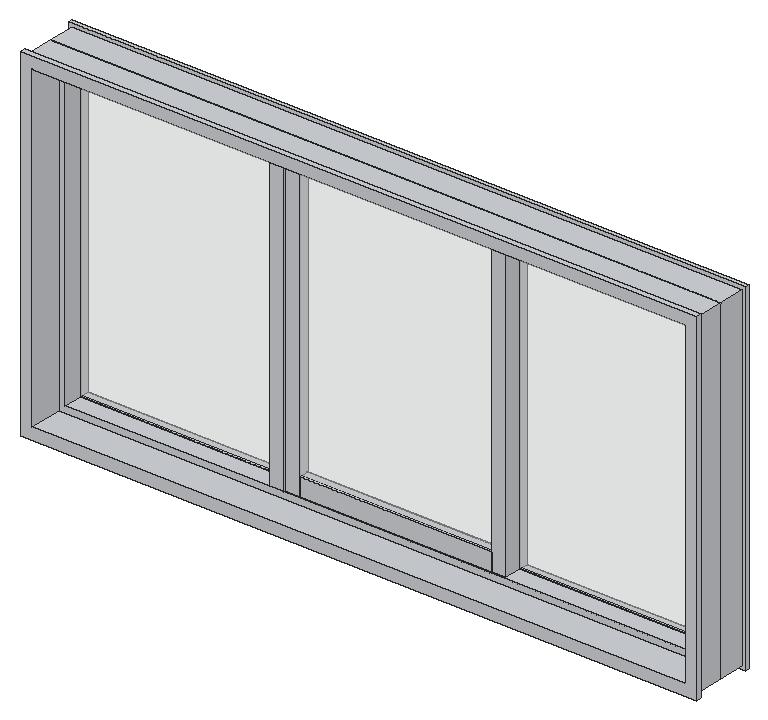
Revit family "APL Residential Thermal Heart Sliding Window FSF", category Windows, host Wall, Revit 2017 (continued)
Definition of nested family "APL Residential Thermal Heart Sliding Window FSF Horizontal Section"
  Definition of nested family "Three Panel Closer"
    Definition of nested family "65520_Lock Stile"
      Lines and regions (mm)
        model lines, in view "Ref. Level"
          curve 111: arc (43.056, -20.462, 0) -> (43.145, -20.41, 0) -> (43.197, -20.321, 0) r 0.2
          curve 112: arc (43.74, -18.1, 0) -> (43.547, -17.82, 0) -> (43.216, -17.9, 0) r 0.3
          curve 113: arc (43.216, -17.9, 0) -> (43.115, -17.974, 0) -> (42.993, -18, 0) r 0.3
          curve 114: arc (38.99, -17.806, 0) -> (38.818, -17.842, 0) -> (38.74, -18, 0) r 0.2
          curve 115: arc (38.74, -18.521, 0) -> (38.751, -18.602, 0) -> (38.784, -18.677, 0) r 0.3
          curve 116: arc (39.549, -19.931, 0) -> (39.719, -19.928, 0) -> (39.851, -20.034, 0) r 0.25
          curve 117: arc (39.903, -20.12, 0) -> (39.908, -20.372, 0) -> (39.69, -20.5, 0) r 0.25
          curve 118: arc (37.951, -20.5, 0) -> (37.706, -20.436, 0) -> (37.524, -20.26, 0) r 0.5
          curve 119: arc (36.993, -19.389, 0) -> (36.81, -19.214, 0) -> (36.566, -19.15, 0) r 0.5
          curve 120: arc (8.901, -19.15, 0) -> (8.547, -19.296, 0) -> (8.4, -19.65, 0) r 0.5
          curve 121: arc (8.4, -20.148, 0) -> (8.382, -20.284, 0) -> (8.327, -20.41, 0) r 0.5
          curve 122: arc (7.716, -21.41, 0) -> (7.534, -21.586, 0) -> (7.289, -21.65, 0) r 0.5
          curve 123: arc (5.55, -21.65, 0) -> (5.332, -21.523, 0) -> (5.337, -21.27, 0) r 0.25
          curve 124: arc (5.389, -21.184, 0) -> (5.521, -21.078, 0) -> (5.691, -21.081, 0) r 0.25
          curve 125: arc (6.456, -19.827, 0) -> (6.489, -19.752, 0) -> (6.5, -19.671, 0) r 0.3
          curve 126: arc (6.5, -19.15, 0) -> (6.422, -18.992, 0) -> (6.25, -18.956, 0) r 0.2
          curve 127: arc (2.247, -19.15, 0) -> (2.125, -19.124, 0) -> (2.024, -19.05, 0) r 0.3
          curve 128: arc (2.024, -19.05, 0) -> (1.693, -18.97, 0) -> (1.5, -19.25, 0) r 0.3
          curve 129: arc (2.043, -21.471, 0) -> (2.095, -21.56, 0) -> (2.184, -21.612, 0) r 0.2
          curve 130: arc (2.352, -21.657, 0) -> (2.493, -21.798, 0) -> (2.441, -21.991, 0) r 0.2
          curve 131: arc (2.078, -22.355, 0) -> (1.992, -22.415, 0) -> (1.892, -22.442, 0) r 0.3
          curve 132: arc (-0.474, -22.649, 0) -> (-0.738, -22.533, 0) -> (-0.782, -22.247, 0) r 0.3
          curve 133: arc (-0.268, -20.837, 0) -> (-0.181, -20.711, 0) -> (-0.043, -20.645, 0) r 0.3
          curve 134: arc (-0.043, -20.645, 0) -> (0.199, -20.372, 0) -> (0, -20.067, 0) r 0.3
          curve 135: arc (0, -3.465, 0) -> (-0.147, -3.113, 0) -> (-0.5, -2.965, 0) r 0.503
          curve 136: arc (-3.076, -2.965, 0) -> (-3.524, -2.688, 0) -> (-3.475, -2.164, 0) r 0.5
          curve 137: arc (-3.475, -2.164, 0) -> (-2.783, -1.529, 0) -> (-1.91, -1.181, 0) r 2.6
          curve 138: arc (3.754, -0.049, 0) -> (3.998, -0.012, 0) -> (4.244, 0, 0) r 2.5
          curve 139: arc (64.615, 0, 0) -> (64.99, -0.375, 0) -> (64.615, -0.75, 0) r 0.375
          curve 140: arc (64.245, -1.9, 0) -> (64.186, -2.041, 0) -> (64.045, -2.1, 0) r 0.201
          curve 141: arc (63.202, -3.365, 0) -> (63.156, -3.493, 0) -> (63.037, -3.562, 0) r 0.2
          curve 142: arc (60.853, -3.8, 0) -> (60.694, -3.722, 0) -> (60.66, -3.548, 0) r 0.2
          curve 143: arc (2.401, -17.25, 0) -> (2.047, -17.104, 0) -> (1.9, -16.75, 0) r 0.501
          curve 144: arc (1.9, -2.767, 0) -> (2.013, -2.45, 0) -> (2.302, -2.276, 0) r 0.5
          curve 145: arc (36.438, -1.91, 0) -> (36.727, -2.083, 0) -> (36.84, -2.4, 0) r 0.5
          curve 146: line (60.66, -3.548, 0) -> (61.061, -2.052, 0)
          curve 147: line (60.868, -1.8, 0) -> (39.24, -1.8, 0)
          curve 148: line (38.74, -2.3, 0) -> (38.74, -15.6, 0)
          curve 149: line (39.24, -16.1, 0) -> (44.74, -16.1, 0)
          curve 150: line (45.24, -16.6, 0) -> (45.24, -18.917, 0)
          curve 151: line (45.508, -19.687, 0) -> (46.022, -21.097, 0)
          curve 152: line (45.714, -21.499, 0) -> (43.348, -21.292, 0)
          curve 153: line (43.162, -21.205, 0) -> (42.799, -20.841, 0)
          curve 154: line (42.888, -20.507, 0) -> (43.056, -20.462, 0)
          curve 155: line (43.056, -20.462, 0) -> (43.73, -18.332, 0)
          curve 156: line (43.73, -18.332, 0) -> (43.74, -18.1, 0)
          curve 157: line (42.993, -18, 0) -> (39.765, -18, 0)
          curve 158: line (39.765, -18, 0) -> (38.99, -17.806, 0)
          curve 159: line (38.74, -18, 0) -> (38.74, -18.521, 0)
          curve 160: line (38.74, -18.521, 0) -> (39.549, -19.931, 0)
          curve 161: line (39.69, -20.5, 0) -> (37.951, -20.5, 0)
          curve 162: line (37.524, -20.26, 0) -> (36.993, -19.389, 0)
          curve 163: line (36.566, -19.15, 0) -> (8.901, -19.15, 0)
          curve 164: line (8.4, -19.65, 0) -> (8.4, -20.148, 0)
          curve 165: line (8.327, -20.41, 0) -> (7.716, -21.41, 0)
          curve 166: line (7.289, -21.65, 0) -> (5.55, -21.65, 0)
          curve 167: line (5.691, -21.081, 0) -> (6.456, -19.827, 0)
          curve 168: line (6.456, -19.827, 0) -> (6.5, -19.15, 0)
          curve 169: line (6.25, -18.956, 0) -> (5.5, -19.15, 0)
          curve 170: line (5.525, -19.144, 0) -> (2.247, -19.15, 0)
          curve 171: line (1.5, -19.404, 0) -> (2.043, -21.471, 0)
          curve 172: line (2.043, -21.471, 0) -> (2.352, -21.657, 0)
          curve 173: line (2.441, -21.991, 0) -> (2.078, -22.355, 0)
          curve 174: line (1.892, -22.442, 0) -> (-0.474, -22.649, 0)
          curve 175: line (-0.782, -22.247, 0) -> (-0.268, -20.837, 0)
          curve 176: line (0, -20.067, 0) -> (0, -12.5, 0)
          curve 177: line (0, -12.5, 0) -> (0.4, -12.1, 0)
          curve 178: line (0.4, -12.1, 0) -> (0, -11.7, 0)
          curve 179: line (0, -11.7, 0) -> (0, -3.465, 0)
          curve 180: line (-0.5, -2.965, 0) -> (-3.076, -2.965, 0)
          curve 181: line (-1.91, -1.181, 0) -> (3.754, -0.049, 0)
          curve 182: line (4.244, 0, 0) -> (64.615, 0, 0)
          curve 183: line (64.615, -0.75, 0) -> (64.245, -0.75, 0)
          curve 184: line (64.245, -0.75, 0) -> (64.245, -1.9, 0)
          curve 185: line (64.045, -2.1, 0) -> (63.202, -2.1, 0)
          curve 186: line (63.202, -2.1, 0) -> (63.202, -3.365, 0)
          curve 187: line (63.037, -3.562, 0) -> (61.684, -3.8, 0)
          curve 188: line (61.684, -3.8, 0) -> (60.853, -3.8, 0)
          curve 189: line (36.34, -17.25, 0) -> (2.401, -17.25, 0)
          curve 190: line (1.9, -16.75, 0) -> (1.9, -2.767, 0)
          curve 191: line (2.302, -2.276, 0) -> (4.137, -1.91, 0)
          curve 192: line (4.137, -1.91, 0) -> (36.438, -1.91, 0)
          curve 193: line (36.84, -2.4, 0) -> (36.84, -16.75, 0)
          curve 194: arc (36.84, -16.75, 0) -> (36.695, -17.105, 0) -> (36.34, -17.25, 0) r 0.496
          curve 195: arc (5.6, -33.95, 0) -> (5.883, -33.833, 0) -> (6, -33.55, 0) r 0.4
          curve 196: arc (6, -33.257, 0) -> (5.986, -33.154, 0) -> (5.946, -33.057, 0) r 0.4
          curve 197: arc (5.061, -31.529, 0) -> (4.941, -31.239, 0) -> (4.9, -30.928, 0) r 1.2
          curve 198: arc (4.9, -30.005, 0) -> (4.719, -29.432, 0) -> (4.242, -29.066, 0) r 1
          curve 199: arc (2.063, -28.273, 0) -> (1.872, -28.126, 0) -> (1.8, -27.897, 0) r 0.4
          curve 200: arc (1.8, -25.203, 0) -> (1.872, -24.974, 0) -> (2.063, -24.827, 0) r 0.4
          curve 201: arc (4.242, -24.034, 0) -> (4.719, -23.668, 0) -> (4.9, -23.095, 0) r 1
          curve 202: arc (4.9, -22.172, 0) -> (4.941, -21.861, 0) -> (5.061, -21.571, 0) r 1.2
          curve 203: arc (5.946, -20.043, 0) -> (5.986, -19.946, 0) -> (6, -19.843, 0) r 0.4
          curve 204: arc (6, -19.55, 0) -> (5.883, -19.267, 0) -> (5.6, -19.15, 0) r 0.4
          curve 205: arc (2.2, -19.15, 0) -> (1.917, -19.267, 0) -> (1.8, -19.55, 0) r 0.4
          curve 206: arc (1.8, -19.843, 0) -> (1.814, -19.946, 0) -> (1.854, -20.043, 0) r 0.4
          curve 207: arc (2.739, -21.571, 0) -> (2.86, -21.865, 0) -> (2.9, -22.18, 0) r 1.2
          curve 208: arc (2.9, -22.18, 0) -> (2.847, -22.355, 0) -> (2.703, -22.466, 0) r 0.3
          curve 209: arc (0.263, -23.354, 0) -> (0.072, -23.501, 0) -> (0, -23.73, 0) r 0.4
          curve 210: arc (0, -29.37, 0) -> (0.072, -29.599, 0) -> (0.263, -29.746, 0) r 0.4
          curve 211: arc (2.703, -30.634, 0) -> (2.847, -30.745, 0) -> (2.9, -30.92, 0) r 0.3
          curve 212: arc (2.9, -30.92, 0) -> (2.86, -31.235, 0) -> (2.739, -31.529, 0) r 1.2
          curve 213: arc (1.854, -33.057, 0) -> (1.814, -33.154, 0) -> (1.8, -33.257, 0) r 0.4
          curve 214: arc (1.8, -33.55, 0) -> (1.917, -33.833, 0) -> (2.2, -33.95, 0) r 0.4
          curve 215: line (6, -33.55, 0) -> (6, -33.257, 0)
          curve 216: line (5.946, -33.057, 0) -> (5.061, -31.529, 0)
          curve 217: line (4.9, -30.928, 0) -> (4.9, -30.005, 0)
          curve 218: line (4.242, -29.066, 0) -> (2.063, -28.273, 0)
          curve 219: line (1.8, -27.897, 0) -> (1.8, -25.203, 0)
          curve 220: line (2.063, -24.827, 0) -> (4.242, -24.034, 0)
          curve 221: line (4.9, -23.095, 0) -> (4.9, -22.172, 0)
          curve 222: line (5.061, -21.571, 0) -> (5.946, -20.043, 0)
          curve 223: line (6, -19.843, 0) -> (6, -19.55, 0)
          curve 224: line (5.6, -19.15, 0) -> (2.2, -19.15, 0)
          curve 225: line (1.8, -19.55, 0) -> (1.8, -19.843, 0)
          curve 226: line (1.854, -20.043, 0) -> (2.739, -21.571, 0)
          curve 227: line (2.703, -22.466, 0) -> (0.263, -23.354, 0)
          curve 228: line (0, -23.73, 0) -> (0, -29.37, 0)
          curve 229: line (0.263, -29.746, 0) -> (2.703, -30.634, 0)
          curve 230: line (2.739, -31.529, 0) -> (1.854, -33.057, 0)
          curve 231: line (1.8, -33.257, 0) -> (1.8, -33.55, 0)
          curve 232: line (2.2, -33.95, 0) -> (5.6, -33.95, 0)
          curve 233: arc (39.64, -32.8, 0) -> (39.357, -32.683, 0) -> (39.24, -32.4, 0) r 0.4
          curve 234: arc (39.24, -32.107, 0) -> (39.254, -32.004, 0) -> (39.294, -31.907, 0) r 0.4
          curve 235: arc (40.179, -30.379, 0) -> (40.299, -30.089, 0) -> (40.34, -29.778, 0) r 1.2
          curve 236: arc (40.34, -28.855, 0) -> (40.521, -28.282, 0) -> (40.998, -27.916, 0) r 1
          curve 237: arc (43.177, -27.123, 0) -> (43.368, -26.976, 0) -> (43.44, -26.747, 0) r 0.4
          curve 238: arc (43.44, -24.053, 0) -> (43.368, -23.824, 0) -> (43.177, -23.677, 0) r 0.4
          curve 239: arc (40.998, -22.884, 0) -> (40.521, -22.518, 0) -> (40.34, -21.945, 0) r 1
          curve 240: arc (40.34, -21.022, 0) -> (40.299, -20.711, 0) -> (40.179, -20.421, 0) r 1.2
          curve 241: arc (39.294, -18.893, 0) -> (39.254, -18.796, 0) -> (39.24, -18.693, 0) r 0.4
          curve 242: arc (39.24, -18.4, 0) -> (39.357, -18.117, 0) -> (39.64, -18, 0) r 0.4
          curve 243: arc (43.04, -18, 0) -> (43.323, -18.117, 0) -> (43.44, -18.4, 0) r 0.4
          curve 244: arc (43.44, -18.693, 0) -> (43.426, -18.796, 0) -> (43.386, -18.893, 0) r 0.4
          curve 245: arc (42.501, -20.421, 0) -> (42.38, -20.715, 0) -> (42.34, -21.03, 0) r 1.2
          curve 246: arc (42.34, -21.03, 0) -> (42.393, -21.205, 0) -> (42.537, -21.316, 0) r 0.3
          curve 247: arc (44.977, -22.204, 0) -> (45.168, -22.351, 0) -> (45.24, -22.58, 0) r 0.4
          curve 248: arc (45.24, -28.22, 0) -> (45.168, -28.449, 0) -> (44.977, -28.596, 0) r 0.4
          curve 249: arc (42.537, -29.484, 0) -> (42.393, -29.595, 0) -> (42.34, -29.77, 0) r 0.3
          curve 250: arc (42.34, -29.77, 0) -> (42.38, -30.085, 0) -> (42.501, -30.379, 0) r 1.2
          curve 251: arc (43.386, -31.907, 0) -> (43.426, -32.004, 0) -> (43.44, -32.107, 0) r 0.4
          curve 252: arc (43.44, -32.4, 0) -> (43.323, -32.683, 0) -> (43.04, -32.8, 0) r 0.4
          curve 253: line (39.24, -32.4, 0) -> (39.24, -32.107, 0)
          curve 254: line (39.294, -31.907, 0) -> (40.179, -30.379, 0)
          curve 255: line (40.34, -29.778, 0) -> (40.34, -28.855, 0)
          curve 256: line (40.998, -27.916, 0) -> (43.177, -27.123, 0)
          curve 257: line (43.44, -26.747, 0) -> (43.44, -24.053, 0)
          curve 258: line (43.177, -23.677, 0) -> (40.998, -22.884, 0)
          curve 259: line (40.34, -21.945, 0) -> (40.34, -21.022, 0)
          curve 260: line (40.179, -20.421, 0) -> (39.294, -18.893, 0)
          curve 261: line (39.24, -18.693, 0) -> (39.24, -18.4, 0)
          curve 262: line (39.64, -18, 0) -> (43.04, -18, 0)
          curve 263: line (43.44, -18.4, 0) -> (43.44, -18.693, 0)
          curve 264: line (43.386, -18.893, 0) -> (42.501, -20.421, 0)
          curve 265: line (42.537, -21.316, 0) -> (44.977, -22.204, 0)
          curve 266: line (45.24, -22.58, 0) -> (45.24, -28.22, 0)
          curve 267: line (44.977, -28.596, 0) -> (42.537, -29.484, 0)
          curve 268: line (42.501, -30.379, 0) -> (43.386, -31.907, 0)
          curve 269: line (43.44, -32.107, 0) -> (43.44, -32.4, 0)
          curve 270: line (43.04, -32.8, 0) -> (39.64, -32.8, 0)
      Text (mm)
        text "65520" at (24.172, 14.221, 0), in view "Ref. Level"
Types (2, lengths in mm): name | Reveal Liner | Architrave
  Liner | yes | no
  Architrave | no | yes
